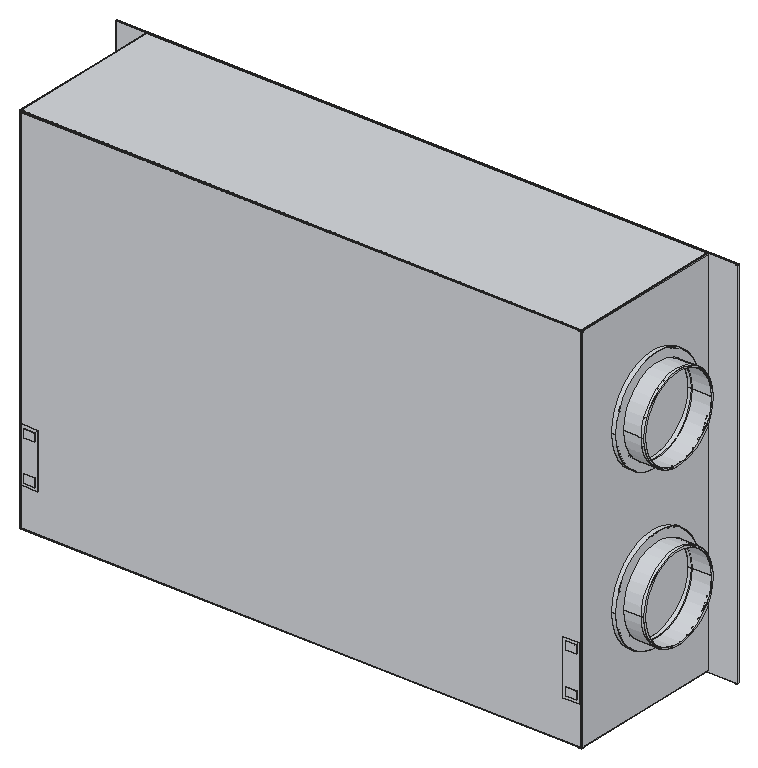
Revit family "Flexit Nordic CL 3 R E 500 R 230", category Mechanical Equipment, Revit 2018
Family settings
  Round Connector Dimension = Use Radius
  Part Type = Normal
  Work Plane-Based = No
  Always vertical = Yes
  Cut with Voids When Loaded = No
  Shared = No
  Room Calculation Point = No
Parameters
  magiProductId = "Flexit Nordic CL 3 R E 500 R 230"
  magiPartTypeId = 210
  magiFamilyGeom = MagiCAD_Flexit Nordic CL 3 R E 500 R 230 : MagiCAD_Flexit Nordic CL 3 R E 500 R 230
  Ytelse  SFP-sum vinter [instance] = "1.28 kJ/m³"
  Weight = 0.00 kg
  Vifte, tilluft  Vinter  Vifteinstilling [instance] = "55 %"
  Vifte, tilluft  Sommer  Vifteinstilling [instance] = ""
  Vifte, avtrekksluft  Vinter  Vifteinstilling [instance] = "57 %"
  Vifte, avtrekksluft  Sommer  Vifteinstilling [instance] = ""
  VersionID = "1.0/2021.0"
  Varmegjenvinning  Vinter  Komponentvirkningsgrad, tilluft (EN308) [instance] = "84.3 %"
  Varmegjenvinning  Sommer  Komponentvirkningsgrad, tilluft (EN308) [instance] = ""
  Varmegjenvinning  Sommer  Aggregatvirkningsgrad, tilluft (EN13141-7) [instance] = ""
  Uteluft [instance] = "160 mm"
  Tilluftskanal, vinter [instance] = "37 47 53 50 50 50 43 35 dB(A)"
  Tilluft  Trykkfall vinter [instance] = 70.0 Pa
  Tilluft  Luftmengde vinter [instance] = "0.0417 m³/s"
  Tilluft [instance] = "160 mm"
  Supply 1 Sound power level [instance] = "63 63 62 53 50 49 42 36 dB"
  Supply 1 Pressure drop min [instance] = 63.0 Pa
  Supply 1 Pressure drop max [instance] = 77.0 Pa
  Supply 1 Pressure drop [instance] = 70.0 Pa
  Supply 1 Airflow operation point min [instance] = 39.5833 L/s
  Supply 1 Airflow operation point max [instance] = 43.75 L/s
  Supply 1 Airflow min [instance] = 22.0 L/s
  Supply 1 Airflow max [instance] = 94.0 L/s
  Supply 1 Airflow [instance] = 41.6667 L/s
  Resultater  Vekt [instance] = "62 kg"
  Productdata [instance] = "© MagiCAD Group, all rights reserved"
  Pressure rise, supply [instance] = 70.0 Pa
  Pressure rise, extract [instance] = 70.0 Pa
  Outdoor 1 Sound power level [instance] = "63 63 62 53 50 49 42 36 dB"
  Outdoor 1 Pressure drop min [instance] = 0.0 Pa
  Outdoor 1 Pressure drop max [instance] = 0.0 Pa
  Outdoor 1 Pressure drop [instance] = 0.0 Pa
  Outdoor 1 Airflow operation point min [instance] = 39.5833 L/s
  Outdoor 1 Airflow operation point max [instance] = 43.75 L/s
  Outdoor 1 Airflow min [instance] = 22.0 L/s
  Outdoor 1 Airflow max [instance] = 94.0 L/s
  Outdoor 1 Airflow [instance] = 41.6667 L/s
  Omgivelse, vinter [instance] = "21 25 34 34 30 31 28 18 dB(A)"
  Kjøkkenkanal [instance] = "125 mm"
  Himling, vinter [instance] = "20 20 29 23 21 23 18 9 dB(A)"
  Generelt  Informasjon [instance] = ""
  Generelt  Beskrivelse / Plassering [instance] = ""
  Extract 9 Sound power level [instance] = "56 59 55 42 34 33 23 21 dB"
  Extract 9 Pressure drop min [instance] = 0.0 Pa
  Extract 9 Pressure drop max [instance] = 0.0 Pa
  Extract 9 Pressure drop [instance] = 0.0 Pa
  Extract 9 Airflow operation point min [instance] = 39.5833 L/s
  Extract 9 Airflow operation point max [instance] = 43.75 L/s
  Extract 9 Airflow min [instance] = 22.0 L/s
  Extract 9 Airflow max [instance] = 94.0 L/s
  Extract 9 Airflow [instance] = 41.6667 L/s
  Extract 1 Sound power level [instance] = "56 59 55 42 34 33 23 21 dB"
  Extract 1 Pressure drop min [instance] = 63.0 Pa
  Extract 1 Pressure drop max [instance] = 77.0 Pa
  Extract 1 Pressure drop [instance] = 70.0 Pa
  Extract 1 Airflow operation point min [instance] = 39.5833 L/s
  Extract 1 Airflow operation point max [instance] = 43.75 L/s
  Extract 1 Airflow min [instance] = 22.0 L/s
  Extract 1 Airflow max [instance] = 94.0 L/s
  Extract 1 Airflow [instance] = 41.6667 L/s
  Exhaust 1 Sound power level [instance] = "56 59 55 42 34 33 23 21 dB"
  Exhaust 1 Pressure drop min [instance] = 0.0 Pa
  Exhaust 1 Pressure drop max [instance] = 0.0 Pa
  Exhaust 1 Pressure drop [instance] = 0.0 Pa
  Exhaust 1 Airflow operation point min [instance] = 39.5833 L/s
  Exhaust 1 Airflow operation point max [instance] = 43.75 L/s
  Exhaust 1 Airflow min [instance] = 22.0 L/s
  Exhaust 1 Airflow max [instance] = 94.0 L/s
  Exhaust 1 Airflow [instance] = 41.6667 L/s
  Dimensjoner [instance] = "1149x296x767 mm"
  Avtrekkskanal, vinter [instance] = "30 43 46 39 34 34 24 20 dB(A)"
  Avtrekk  Trykkfall vinter [instance] = 70.0 Pa
  Avtrekk  Luftmengde vinter [instance] = "0.0417 m³/s"
  Avtrekk [instance] = "160 mm"
  Avkast [instance] = "160 mm"
Reference planes
  plane 1 "Center (Front/Back)": y = 0
  plane 2: z = 0
  plane 3 "Center (Left/Right)": x = 0
Forms (mm)
  Extrusion 1, solid, not visible
    sketch origin (0, 163, 267) x (0, -1, 0) y (0, 0, 1)
      loop
        line (-15.24, -15.24) -> (15.24, -15.24) -> (15.24, 15.24) -> (-15.24, 15.24) -> (-15.24, -15.24)
    from 0 to -30.48
  Extrusion 2, solid, not visible
    sketch origin (1149, 163, 567) x (0, 1, 0) y (0, 0, 1)
      loop
        line (15.24, 15.24) -> (-15.24, 15.24) -> (-15.24, -15.24) -> (15.24, -15.24) -> (15.24, 15.24)
    from 0 to -30.48
  Extrusion 3, solid, not visible
    sketch origin (0, 163, 567) x (0, -1, 0) y (0, 0, 1)
      loop
        line (-15.24, -15.24) -> (15.24, -15.24) -> (15.24, 15.24) -> (-15.24, 15.24) -> (-15.24, -15.24)
    from 0 to -30.48
  Extrusion 4, solid, not visible
    sketch origin (861, 163, 0) x (0, 1, 0) y (1, 0, 0)
      loop
        line (-15.24, 15.24) -> (-15.24, -15.24) -> (15.24, -15.24) -> (15.24, 15.24) -> (-15.24, 15.24)
    from 0 to -30.48
  Extrusion 5, solid, not visible
    sketch origin (1149, 163, 267) x (0, 1, 0) y (0, 0, 1)
      loop
        line (15.24, 15.24) -> (-15.24, 15.24) -> (-15.24, -15.24) -> (15.24, -15.24) -> (15.24, 15.24)
    from 0 to -30.48
Text (mm)
  text "© MagiCAD Group, all rights reserved" at (-487.68, -1524, 0), in view "Ref. Level"
Nested families
  nested 1: "MagiCAD_Flexit Nordic CL 3 R E 500 R 230" at (0, 0, 0), type <- "magiFamilyGeom", type "MagiCAD_Flexit Nordic CL 3 R E 500 R 230"
Connectors
  hvac at (0, 163, 267)
    settings: on Extrusion 1, index 1, duct flow 0.0 L/s, flow factor 0, pres drop 0.0 Pa, loss coef 0, conn angle 0.00°, conn width 304.8 mm, conn height 304.8 mm, conn diameter 160 mm, duct sys type 1, conn prof type 0, flow config 0, flow direction 2, loss method 0, conn ref index -1, conn util no, is conn primary yes, conn desc "Supply 1"
  hvac at (1149, 163, 567)
    settings: on Extrusion 2, index 2, duct flow 0.0 L/s, flow factor 0, pres drop 0.0 Pa, loss coef 0, conn angle 0.00°, conn width 304.8 mm, conn height 304.8 mm, conn diameter 160 mm, duct sys type 1, conn prof type 0, flow config 0, flow direction 1, loss method 0, conn ref index -1, conn util no, is conn primary no, conn desc "Outdoor 1"
  hvac at (0, 163, 567)
    settings: on Extrusion 3, index 3, duct flow 0.0 L/s, flow factor 0, pres drop 0.0 Pa, loss coef 0, conn angle 0.00°, conn width 304.8 mm, conn height 304.8 mm, conn diameter 160 mm, duct sys type 2, conn prof type 0, flow config 0, flow direction 1, loss method 0, conn ref index -1, conn util no, is conn primary no, conn desc "Extract 1"
  hvac at (861, 163, 0)
    settings: on Extrusion 4, index 4, duct flow 0.0 L/s, flow factor 0, pres drop 0.0 Pa, loss coef 0, conn angle 0.00°, conn width 304.8 mm, conn height 304.8 mm, conn diameter 125 mm, duct sys type 2, conn prof type 0, flow config 0, flow direction 1, loss method 0, conn ref index -1, conn util no, is conn primary no, conn desc "Extract 9"
  hvac at (1149, 163, 267)
    settings: on Extrusion 5, index 5, duct flow 0.0 L/s, flow factor 0, pres drop 0.0 Pa, loss coef 0, conn angle 0.00°, conn width 304.8 mm, conn height 304.8 mm, conn diameter 160 mm, duct sys type 3, conn prof type 0, flow config 0, flow direction 2, loss method 0, conn ref index -1, conn util no, is conn primary no, conn desc "Exhaust 1"
Definition of nested family "MagiCAD_Flexit Nordic CL 3 R E 500 R 230"
  Reference planes
    plane 1 "Center (Front/Back)": y = 0
    plane 2: z = 0
    plane 3 "Center (Left/Right)": x = 0
  Forms (mm)
    Extrusion 1, solid
      sketch origin (1099.5, 163, 267) x (0, 1, 0) y (0, 0, 1)
        loop
          circle (0, 0) r 79.9
      from 0 to 2
    Extrusion 2, void
      sketch origin (1099.5, 163, 267) x (0, 1, 0) y (0, 0, 1)
        loop
          circle (0, 0) r 79.7
      from 0.2 to 2
    Extrusion 3, solid
      sketch origin (1099.5, 163, 267) x (0, 1, 0) y (0, 0, 1)
        loop
          circle (0, 0) r 80
      from 0 to 49.5
    Extrusion 4, void
      sketch origin (1099.5, 163, 267) x (0, 1, 0) y (0, 0, 1)
        loop
          circle (0, 0) r 79.8
      from 0 to 49.5
    Extrusion 5, solid
      sketch origin (1099.5, 163, 267) x (0, 1, 0) y (0, 0, 1)
        loop
          circle (0, 0) r 96
      from 0 to 10
    Extrusion 6, void
      sketch origin (1099.5, 163, 267) x (0, 1, 0) y (0, 0, 1)
        loop
          circle (0, 0) r 95.8
      from 0 to 10
    Extrusion 7, solid
      sketch origin (1144.05, 163, 267) x (0, 1, 0) y (0, 0, 1)
        loop
          circle (0, 0) r 80.05
      from 0 to 4.95
    Extrusion 8, void
      sketch origin (1144.05, 163, 267) x (0, 1, 0) y (0, 0, 1)
        loop
          circle (0, 0) r 79.85
      from 0 to 4.95
    Extrusion 9, solid
      sketch origin (49.5, 163, 567) x (0, -1, 0) y (0, 0, 1)
        loop
          circle (0, 0) r 79.9
      from 0 to 2
    Extrusion 10, void
      sketch origin (49.5, 163, 567) x (0, -1, 0) y (0, 0, 1)
        loop
          circle (0, 0) r 79.7
      from 0.2 to 2
    Extrusion 11, solid
      sketch origin (49.5, 163, 567) x (0, -1, 0) y (0, 0, 1)
        loop
          circle (0, 0) r 80
      from 0 to 49.5
    Extrusion 12, void
      sketch origin (49.5, 163, 567) x (0, -1, 0) y (0, 0, 1)
        loop
          circle (0, 0) r 79.8
      from 0 to 49.5
    Extrusion 13, solid
      sketch origin (49.5, 163, 567) x (0, -1, 0) y (0, 0, 1)
        loop
          circle (0, 0) r 96
      from 0 to 10
    Extrusion 14, void
      sketch origin (49.5, 163, 567) x (0, -1, 0) y (0, 0, 1)
        loop
          circle (0, 0) r 95.8
      from 0 to 10
    Extrusion 15, solid
      sketch origin (4.95, 163, 567) x (0, -1, 0) y (0, 0, 1)
        loop
          circle (0, 0) r 80.05
      from 0 to 4.95
    Extrusion 16, void
      sketch origin (4.95, 163, 567) x (0, -1, 0) y (0, 0, 1)
        loop
          circle (0, 0) r 79.85
      from 0 to 4.95
    Extrusion 17, solid
      sketch origin (1099.5, 163, 567) x (0, 1, 0) y (0, 0, 1)
        loop
          circle (0, 0) r 79.9
      from 0 to 2
    Extrusion 18, void
      sketch origin (1099.5, 163, 567) x (0, 1, 0) y (0, 0, 1)
        loop
          circle (0, 0) r 79.7
      from 0.2 to 2
    Extrusion 19, solid
      sketch origin (1099.5, 163, 567) x (0, 1, 0) y (0, 0, 1)
        loop
          circle (0, 0) r 80
      from 0 to 49.5
    Extrusion 20, void
      sketch origin (1099.5, 163, 567) x (0, 1, 0) y (0, 0, 1)
        loop
          circle (0, 0) r 79.8
      from 0 to 49.5
    Extrusion 21, solid
      sketch origin (1099.5, 163, 567) x (0, 1, 0) y (0, 0, 1)
        loop
          circle (0, 0) r 96
      from 0 to 10
    Extrusion 22, void
      sketch origin (1099.5, 163, 567) x (0, 1, 0) y (0, 0, 1)
        loop
          circle (0, 0) r 95.8
      from 0 to 10
    Extrusion 23, solid
      sketch origin (1144.05, 163, 567) x (0, 1, 0) y (0, 0, 1)
        loop
          circle (0, 0) r 80.05
      from 0 to 4.95
    Extrusion 24, void
      sketch origin (1144.05, 163, 567) x (0, 1, 0) y (0, 0, 1)
        loop
          circle (0, 0) r 79.85
      from 0 to 4.95
    Extrusion 25, solid
      sketch origin (49.5, 163, 267) x (0, -1, 0) y (0, 0, 1)
        loop
          circle (0, 0) r 79.9
      from 0 to 2
    Extrusion 26, void
      sketch origin (49.5, 163, 267) x (0, -1, 0) y (0, 0, 1)
        loop
          circle (0, 0) r 79.7
      from 0.2 to 2
    Extrusion 27, solid
      sketch origin (49.5, 163, 267) x (0, -1, 0) y (0, 0, 1)
        loop
          circle (0, 0) r 80
      from 0 to 49.5
    Extrusion 28, void
      sketch origin (49.5, 163, 267) x (0, -1, 0) y (0, 0, 1)
        loop
          circle (0, 0) r 79.8
      from 0 to 49.5
    Extrusion 29, solid
      sketch origin (49.5, 163, 267) x (0, -1, 0) y (0, 0, 1)
        loop
          circle (0, 0) r 96
      from 0 to 10
    Extrusion 30, void
      sketch origin (49.5, 163, 267) x (0, -1, 0) y (0, 0, 1)
        loop
          circle (0, 0) r 95.8
      from 0 to 10
    Extrusion 31, solid
      sketch origin (4.95, 163, 267) x (0, -1, 0) y (0, 0, 1)
        loop
          circle (0, 0) r 80.05
      from 0 to 4.95
    Extrusion 32, void
      sketch origin (4.95, 163, 267) x (0, -1, 0) y (0, 0, 1)
        loop
          circle (0, 0) r 79.85
      from 0 to 4.95
    Extrusion 33, solid
      sketch origin (861, 163, 67) x (0, 1, 0) y (1, 0, 0)
        loop
          circle (0, 0) r 62.4
      from 0 to 2
    Extrusion 34, void
      sketch origin (861, 163, 67) x (0, 1, 0) y (1, 0, 0)
        loop
          circle (0, 0) r 62.2
      from 0.2 to 2
    Extrusion 35, solid
      sketch origin (861, 163, 67) x (0, 1, 0) y (1, 0, 0)
        loop
          circle (0, 0) r 62.5
      from 0 to 67
    Extrusion 36, void
      sketch origin (861, 163, 67) x (0, 1, 0) y (1, 0, 0)
        loop
          circle (0, 0) r 62.3
      from 0 to 67
    Extrusion 37, solid
      sketch origin (861, 163, 67) x (0, 1, 0) y (1, 0, 0)
        loop
          circle (0, 0) r 75
      from 0 to 10
    Extrusion 38, void
      sketch origin (861, 163, 67) x (0, 1, 0) y (1, 0, 0)
        loop
          circle (0, 0) r 74.8
      from 0 to 10
    Extrusion 39, solid
      sketch origin (861, 163, 6.7) x (0, 1, 0) y (1, 0, 0)
        loop
          circle (0, 0) r 62.55
      from 0 to 6.7
    Extrusion 40, void
      sketch origin (861, 163, 6.7) x (0, 1, 0) y (1, 0, 0)
        loop
          circle (0, 0) r 62.35
      from 0 to 6.7
    Extrusion 41, solid
      sketch origin (1109.5, 163, 267) x (0, 1, 0) y (0, 0, 1)
        loop
          circle (0, 0) r 80.05
        loop
          circle (0, 0) r 96
      from -0.1 to 0.1
    Extrusion 42, solid
      sketch origin (1101.5, 163, 267) x (0, 1, 0) y (0, 0, 1)
        loop
          circle (0, 0) r 79.9
      from -0.1 to 0.1
    Extrusion 43, solid
      sketch origin (1149, 163, 267) x (0, 1, 0) y (0, 0, 1)
        loop
          circle (0, 0) r 78
        loop
          circle (0, 0) r 80
      from -0.1 to 0.1
    Extrusion 44, solid
      sketch origin (39.5, 163, 567) x (0, -1, 0) y (0, 0, 1)
        loop
          circle (0, 0) r 80.05
        loop
          circle (0, 0) r 96
      from -0.1 to 0.1
    Extrusion 45, solid
      sketch origin (47.5, 163, 567) x (0, -1, 0) y (0, 0, 1)
        loop
          circle (0, 0) r 79.9
      from -0.1 to 0.1
    Extrusion 46, solid
      sketch origin (0, 163, 567) x (0, -1, 0) y (0, 0, 1)
        loop
          circle (0, 0) r 78
        loop
          circle (0, 0) r 80
      from -0.1 to 0.1
    Extrusion 47, solid
      sketch origin (1109.5, 163, 567) x (0, 1, 0) y (0, 0, 1)
        loop
          circle (0, 0) r 80.05
        loop
          circle (0, 0) r 96
      from -0.1 to 0.1
    Extrusion 48, solid
      sketch origin (1101.5, 163, 567) x (0, 1, 0) y (0, 0, 1)
        loop
          circle (0, 0) r 79.9
      from -0.1 to 0.1
    Extrusion 49, solid
      sketch origin (1149, 163, 567) x (0, 1, 0) y (0, 0, 1)
        loop
          circle (0, 0) r 78
        loop
          circle (0, 0) r 80
      from -0.1 to 0.1
    Extrusion 50, solid
      sketch origin (39.5, 163, 267) x (0, -1, 0) y (0, 0, 1)
        loop
          circle (0, 0) r 80.05
        loop
          circle (0, 0) r 96
      from -0.1 to 0.1
    Extrusion 51, solid
      sketch origin (47.5, 163, 267) x (0, -1, 0) y (0, 0, 1)
        loop
          circle (0, 0) r 79.9
      from -0.1 to 0.1
    Extrusion 52, solid
      sketch origin (0, 163, 267) x (0, -1, 0) y (0, 0, 1)
        loop
          circle (0, 0) r 75.05
        loop
          circle (0, 0) r 80
      from -0.1 to 0.1
    Extrusion 53, solid
      sketch origin (861, 163, 57) x (0, 1, 0) y (1, 0, 0)
        loop
          circle (0, 0) r 62.55
        loop
          circle (0, 0) r 75
      from -0.1 to 0.1
    Extrusion 54, solid
      sketch origin (861, 163, 65) x (0, 1, 0) y (1, 0, 0)
        loop
          circle (0, 0) r 62.4
      from -0.1 to 0.1
    Extrusion 55, solid
      sketch origin (861, 163, 0) x (0, 1, 0) y (1, 0, 0)
        loop
          circle (0, 0) r 60.5
        loop
          circle (0, 0) r 62.5
      from -0.1 to 0.1
    Extrusion 56, solid
      sketch origin (-5.5, 294, 67) x (0, 1, 0) y (0, 0, 1)
        loop
          line (2, 0) -> (2, 700) -> (0, 700) -> (0, 0) -> (2, 0)
      from -0.1 to 0.1
    Extrusion 57, solid
      sketch origin (1154.5, 294, 67) x (1, 0, 0) y (0, 1, 0)
        loop
          line (0, 2) -> (-1160, 2) -> (-1160, 0) -> (0, 0) -> (0, 2)
      from -0.1 to 0.1
    Extrusion 58, solid
      sketch origin (1154.5, 294, 767) x (0, -1, 0) y (0, 0, 1)
        loop
          line (-2, 0) -> (-2, -700) -> (0, -700) -> (0, 0) -> (-2, 0)
      from -0.1 to 0.1
    Extrusion 59, solid
      sketch origin (-5.5, 294, 767) x (0, 1, 0) y (1, 0, 0)
        loop
          line (2, 0) -> (2, 1160) -> (0, 1160) -> (0, 0) -> (2, 0)
      from -0.1 to 0.1
    Extrusion 60, solid
      sketch origin (-5.5, 296, 67) x (0, 0, 1) y (1, 0, 0)
        loop
          line (700, 0) -> (700, 1160) -> (0, 1160) -> (0, 0) -> (700, 0)
      from -0.1 to 0.1
    Extrusion 61, solid
      sketch origin (-5.5, 294, 67) x (0, 0, 1) y (1, 0, 0)
        loop
          line (700, 0) -> (700, 1160) -> (0, 1160) -> (0, 0) -> (700, 0)
      from -0.1 to 0.1
    Extrusion 62, solid
      sketch origin (51.5, 294, 765) x (1, 0, 0) y (0, 1, 0)
        loop
          line (1046, 0) -> (1046, 2) -> (0, 2) -> (0, 0) -> (1046, 0)
      from -0.1 to 0.1
    Extrusion 63, solid
      sketch origin (51.5, 294, 767) x (0, 0, 1) y (1, 0, 0)
        loop
          line (0, 1046) -> (-2, 1046) -> (-2, 0) -> (0, 0) -> (0, 1046)
      from -0.1 to 0.1
    Extrusion 64, solid
      sketch origin (51.5, 296, 765) x (1, 0, 0) y (0, -0.707107, 0.707107)
        loop
          line (1046, 0) -> (1046, 2.828) -> (0, 2.828) -> (0, 0) -> (1046, 0)
      from -0.1 to 0.1
    Extrusion 65, solid
      sketch origin (1097.5, 294, 765) x (0, 1, 0) y (0, 0, 1)
        loop
          line (2, 0) -> (0, 2) -> (0, 0) -> (2, 0)
      from -0.1 to 0.1
    Extrusion 66, solid
      sketch origin (51.5, 294, 765) x (0, 1, 0) y (0, 0, 1)
        loop
          line (2, 0) -> (0, 2) -> (0, 0) -> (2, 0)
      from -0.1 to 0.1
    Extrusion 67, solid
      sketch origin (51.5, 294, 69) x (0, 0, 1) y (1, 0, 0)
        loop
          line (0, 1046) -> (-2, 1046) -> (-2, 0) -> (0, 0) -> (0, 1046)
      from -0.1 to 0.1
    Extrusion 68, solid
      sketch origin (51.5, 296, 69) x (0, 1, 0) y (1, 0, 0)
        loop
          line (0, 1046) -> (-2, 1046) -> (-2, 0) -> (0, 0) -> (0, 1046)
      from -0.1 to 0.1
    Extrusion 69, solid
      sketch origin (51.5, 294, 67) x (1, 0, 0) y (0, 0.707107, 0.707107)
        loop
          line (1046, 0) -> (1046, 2.828) -> (0, 2.828) -> (0, 0) -> (1046, 0)
      from -0.1 to 0.1
    Extrusion 70, solid
      sketch origin (1097.5, 294, 69) x (0, 1, 0) y (0, 0, 1)
        loop
          line (0, -2) -> (2, 0) -> (0, 0) -> (0, -2)
      from -0.1 to 0.1
    Extrusion 71, solid
      sketch origin (51.5, 294, 69) x (0, 1, 0) y (0, 0, 1)
        loop
          line (0, -2) -> (2, 0) -> (0, 0) -> (0, -2)
      from -0.1 to 0.1
    Extrusion 72, solid
      sketch origin (1097.5, 294, 765) x (0, 1, 0) y (0, 0, 1)
        loop
          line (0, -696) -> (2, -696) -> (2, 0) -> (0, 0) -> (0, -696)
      from -0.1 to 0.1
    Extrusion 73, solid
      sketch origin (1099.5, 294, 765) x (0, 0, 1) y (1, 0, 0)
        loop
          line (-696, 0) -> (-696, -2) -> (0, -2) -> (0, 0) -> (-696, 0)
      from -0.1 to 0.1
    Extrusion 74, solid
      sketch origin (1097.5, 296, 765) x (0.707107, -0.707107, 0) y (0, 0, 1)
        loop
          line (0, -696) -> (2.828, -696) -> (2.828, 0) -> (0, 0) -> (0, -696)
      from -0.1 to 0.1
    Extrusion 75, solid
      sketch origin (1097.5, 294, 69) x (0, 1, 0) y (1, 0, 0)
        loop
          line (2, 0) -> (0, 2) -> (0, 0) -> (2, 0)
      from -0.1 to 0.1
    Extrusion 76, solid
      sketch origin (1097.5, 294, 765) x (0, 1, 0) y (1, 0, 0)
        loop
          line (2, 0) -> (0, 2) -> (0, 0) -> (2, 0)
      from -0.1 to 0.1
    Extrusion 77, solid
      sketch origin (51.5, 294, 765) x (0, 1, 0) y (0, 0, 1)
        loop
          line (0, -696) -> (2, -696) -> (2, 0) -> (0, 0) -> (0, -696)
      from -0.1 to 0.1
    Extrusion 78, solid
      sketch origin (49.5, 294, 765) x (0, 0, -1) y (1, 0, 0)
        loop
          line (696, 0) -> (696, 2) -> (0, 2) -> (0, 0) -> (696, 0)
      from -0.1 to 0.1
    Extrusion 79, solid
      sketch origin (51.5, 296, 765) x (0.707107, 0.707107, 0) y (0, 0, -1)
        loop
          line (0, 696) -> (-2.828, 696) -> (-2.828, 0) -> (0, 0) -> (0, 696)
      from -0.1 to 0.1
    Extrusion 80, solid
      sketch origin (51.5, 294, 69) x (1, 0, 0) y (0, 1, 0)
        loop
          line (0, 2) -> (-2, 0) -> (0, 0) -> (0, 2)
      from -0.1 to 0.1
    Extrusion 81, solid
      sketch origin (51.5, 294, 765) x (1, 0, 0) y (0, 1, 0)
        loop
          line (0, 2) -> (-2, 0) -> (0, 0) -> (0, 2)
      from -0.1 to 0.1
    Extrusion 82, solid
      sketch origin (1097.5, 2, 765) x (0, 0, -1) y (1, 0, 0)
        loop
          line (696, 0) -> (696, 2) -> (0, 2) -> (0, 0) -> (696, 0)
      from -0.1 to 0.1
    Extrusion 83, solid
      sketch origin (1097.5, 0, 765) x (0, 1, 0) y (0, 0, 1)
        loop
          line (0, -696) -> (2, -696) -> (2, 0) -> (0, 0) -> (0, -696)
      from -0.1 to 0.1
    Extrusion 84, solid
      sketch origin (1099.5, 2, 765) x (0.707107, 0.707107, 0) y (0, 0, -1)
        loop
          line (0, 696) -> (-2.828, 696) -> (-2.828, 0) -> (0, 0) -> (0, 696)
      from -0.1 to 0.1
    Extrusion 85, solid
      sketch origin (1097.5, 2, 69) x (0, 1, 0) y (1, 0, 0)
        loop
          line (0, 2) -> (-2, 0) -> (0, 0) -> (0, 2)
      from -0.1 to 0.1
    Extrusion 86, solid
      sketch origin (1097.5, 2, 765) x (0, 1, 0) y (1, 0, 0)
        loop
          line (0, 2) -> (-2, 0) -> (0, 0) -> (0, 2)
      from -0.1 to 0.1
    Extrusion 87, solid
      sketch origin (51.5, 2, 765) x (0, 0, 1) y (1, 0, 0)
        loop
          line (-696, 0) -> (-696, -2) -> (0, -2) -> (0, 0) -> (-696, 0)
      from -0.1 to 0.1
    Extrusion 88, solid
      sketch origin (51.5, 0, 765) x (0, 1, 0) y (0, 0, 1)
        loop
          line (0, -696) -> (2, -696) -> (2, 0) -> (0, 0) -> (0, -696)
      from -0.1 to 0.1
    Extrusion 89, solid
      sketch origin (49.5, 2, 765) x (0.707107, -0.707107, 0) y (0, 0, 1)
        loop
          line (0, -696) -> (2.828, -696) -> (2.828, 0) -> (0, 0) -> (0, -696)
      from -0.1 to 0.1
    Extrusion 90, solid
      sketch origin (51.5, 2, 69) x (1, 0, 0) y (0, 1, 0)
        loop
          line (-2, 0) -> (0, -2) -> (0, 0) -> (-2, 0)
      from -0.1 to 0.1
    Extrusion 91, solid
      sketch origin (51.5, 2, 765) x (1, 0, 0) y (0, 1, 0)
        loop
          line (-2, 0) -> (0, -2) -> (0, 0) -> (-2, 0)
      from -0.1 to 0.1
    Extrusion 92, solid
      sketch origin (51.5, 2, 765) x (0, 0, -1) y (1, 0, 0)
        loop
          line (0, 1046) -> (-2, 1046) -> (-2, 0) -> (0, 0) -> (0, 1046)
      from -0.1 to 0.1
    Extrusion 93, solid
      sketch origin (51.5, 0, 765) x (1, 0, 0) y (0, 1, 0)
        loop
          line (1046, 0) -> (1046, 2) -> (0, 2) -> (0, 0) -> (1046, 0)
      from -0.1 to 0.1
    Extrusion 94, solid
      sketch origin (51.5, 2, 767) x (1, 0, 0) y (0, -0.707107, -0.707107)
        loop
          line (1046, 0) -> (1046, 2.828) -> (0, 2.828) -> (0, 0) -> (1046, 0)
      from -0.1 to 0.1
    Extrusion 95, solid
      sketch origin (1097.5, 2, 765) x (0, 1, 0) y (0, 0, 1)
        loop
          line (0, 2) -> (-2, 0) -> (0, 0) -> (0, 2)
      from -0.1 to 0.1
    Extrusion 96, solid
      sketch origin (51.5, 2, 765) x (0, 1, 0) y (0, 0, 1)
        loop
          line (0, 2) -> (-2, 0) -> (0, 0) -> (0, 2)
      from -0.1 to 0.1
    Extrusion 97, solid
      sketch origin (51.5, 2, 69) x (0, 1, 0) y (1, 0, 0)
        loop
          line (0, 1046) -> (-2, 1046) -> (-2, 0) -> (0, 0) -> (0, 1046)
      from -0.1 to 0.1
    Extrusion 98, solid
      sketch origin (51.5, 2, 67) x (0, 0, -1) y (1, 0, 0)
        loop
          line (0, 1046) -> (-2, 1046) -> (-2, 0) -> (0, 0) -> (0, 1046)
      from -0.1 to 0.1
    Extrusion 99, solid
      sketch origin (51.5, 0, 69) x (1, 0, 0) y (0, 0.707107, -0.707107)
        loop
          line (1046, 0) -> (1046, 2.828) -> (0, 2.828) -> (0, 0) -> (1046, 0)
      from -0.1 to 0.1
    Extrusion 100, solid
      sketch origin (1097.5, 2, 69) x (0, 1, 0) y (0, 0, 1)
        loop
          line (-2, 0) -> (0, -2) -> (0, 0) -> (-2, 0)
      from -0.1 to 0.1
    Extrusion 101, solid
      sketch origin (51.5, 2, 69) x (0, 1, 0) y (0, 0, 1)
        loop
          line (-2, 0) -> (0, -2) -> (0, 0) -> (-2, 0)
      from -0.1 to 0.1
    Extrusion 102, solid
      sketch origin (1097.5, 2, 765) x (0, 1, 0) y (0, 0, 1)
        loop
          line (292, 0) -> (292, 2) -> (0, 2) -> (0, 0) -> (292, 0)
      from -0.1 to 0.1
    Extrusion 103, solid
      sketch origin (1099.5, 2, 765) x (1, 0, 0) y (0, 1, 0)
        loop
          line (0, 292) -> (-2, 292) -> (-2, 0) -> (0, 0) -> (0, 292)
      from -0.1 to 0.1
    Extrusion 104, solid
      sketch origin (1097.5, 2, 767) x (0.707107, 0, -0.707107) y (0, -1, 0)
        loop
          line (0, -292) -> (2.828, -292) -> (2.828, 0) -> (0, 0) -> (0, -292)
      from -0.1 to 0.1
    Extrusion 105, solid
      sketch origin (1097.5, 294, 765) x (0, 0, 1) y (1, 0, 0)
        loop
          line (2, 0) -> (0, 2) -> (0, 0) -> (2, 0)
      from -0.1 to 0.1
    Extrusion 106, solid
      sketch origin (1097.5, 2, 765) x (0, 0, 1) y (1, 0, 0)
        loop
          line (2, 0) -> (0, 2) -> (0, 0) -> (2, 0)
      from -0.1 to 0.1
    Extrusion 107, solid
      sketch origin (1097.5, 2, 69) x (0, 1, 0) y (1, 0, 0)
        loop
          line (292, 0) -> (292, 2) -> (0, 2) -> (0, 0) -> (292, 0)
      from -0.1 to 0.1
    Extrusion 108, solid
      sketch origin (1097.5, 2, 67) x (0, 1, 0) y (0, 0, 1)
        loop
          line (292, 0) -> (292, 2) -> (0, 2) -> (0, 0) -> (292, 0)
      from -0.1 to 0.1
    Extrusion 109, solid
      sketch origin (1099.5, 2, 69) x (0.707107, 0, 0.707107) y (0, 1, 0)
        loop
          line (0, 292) -> (-2.828, 292) -> (-2.828, 0) -> (0, 0) -> (0, 292)
      from -0.1 to 0.1
    Extrusion 110, solid
      sketch origin (1097.5, 294, 69) x (0, 0, 1) y (1, 0, 0)
        loop
          line (0, 2) -> (-2, 0) -> (0, 0) -> (0, 2)
      from -0.1 to 0.1
    Extrusion 111, solid
      sketch origin (1097.5, 2, 69) x (0, 0, 1) y (1, 0, 0)
        loop
          line (0, 2) -> (-2, 0) -> (0, 0) -> (0, 2)
      from -0.1 to 0.1
    Extrusion 112, solid
      sketch origin (51.5, 2, 765) x (0, 1, 0) y (0, 0, 1)
        loop
          line (292, 0) -> (292, 2) -> (0, 2) -> (0, 0) -> (292, 0)
      from -0.1 to 0.1
    Extrusion 113, solid
      sketch origin (49.5, 2, 765) x (0, 1, 0) y (1, 0, 0)
        loop
          line (292, 0) -> (292, 2) -> (0, 2) -> (0, 0) -> (292, 0)
      from -0.1 to 0.1
    Extrusion 114, solid
      sketch origin (51.5, 2, 767) x (0.707107, 0, 0.707107) y (0, 1, 0)
        loop
          line (0, 292) -> (-2.828, 292) -> (-2.828, 0) -> (0, 0) -> (0, 292)
      from -0.1 to 0.1
    Extrusion 115, solid
      sketch origin (51.5, 294, 765) x (0, 0, -1) y (1, 0, 0)
        loop
          line (-2, 0) -> (0, -2) -> (0, 0) -> (-2, 0)
      from -0.1 to 0.1
    Extrusion 116, solid
      sketch origin (51.5, 2, 765) x (0, 0, -1) y (1, 0, 0)
        loop
          line (-2, 0) -> (0, -2) -> (0, 0) -> (-2, 0)
      from -0.1 to 0.1
    Extrusion 117, solid
      sketch origin (51.5, 2, 69) x (1, 0, 0) y (0, 1, 0)
        loop
          line (0, 292) -> (-2, 292) -> (-2, 0) -> (0, 0) -> (0, 292)
      from -0.1 to 0.1
    Extrusion 118, solid
      sketch origin (51.5, 2, 67) x (0, 1, 0) y (0, 0, 1)
        loop
          line (292, 0) -> (292, 2) -> (0, 2) -> (0, 0) -> (292, 0)
      from -0.1 to 0.1
    Extrusion 119, solid
      sketch origin (49.5, 2, 69) x (0.707107, 0, -0.707107) y (0, -1, 0)
        loop
          line (0, -292) -> (2.828, -292) -> (2.828, 0) -> (0, 0) -> (0, -292)
      from -0.1 to 0.1
    Extrusion 120, solid
      sketch origin (51.5, 294, 69) x (0, 0, -1) y (1, 0, 0)
        loop
          line (0, -2) -> (2, 0) -> (0, 0) -> (0, -2)
      from -0.1 to 0.1
    Extrusion 121, solid
      sketch origin (51.5, 2, 69) x (0, 0, -1) y (1, 0, 0)
        loop
          line (0, -2) -> (2, 0) -> (0, 0) -> (0, -2)
      from -0.1 to 0.1
    Extrusion 122, solid
      sketch origin (51.5, 2, 765) x (0, -1, 0) y (0, 0, 1)
        loop
          line (0, 2) -> (-292, 2) -> (-292, 0) -> (0, 0) -> (0, 2)
      from -0.1 to 0.1
    Extrusion 123, solid
      sketch origin (1097.5, 2, 765) x (0, 0, -1) y (1, 0, 0)
        loop
          line (-2, 0) -> (-2, -1046) -> (0, -1046) -> (0, 0) -> (-2, 0)
      from -0.1 to 0.1
    Extrusion 124, solid
      sketch origin (1097.5, 294, 765) x (0, 1, 0) y (0, 0, 1)
        loop
          line (0, 2) -> (-292, 2) -> (-292, 0) -> (0, 0) -> (0, 2)
      from -0.1 to 0.1
    Extrusion 125, solid
      sketch origin (51.5, 294, 765) x (0, 0, 1) y (1, 0, 0)
        loop
          line (2, 0) -> (2, 1046) -> (0, 1046) -> (0, 0) -> (2, 0)
      from -0.1 to 0.1
    Extrusion 126, solid
      sketch origin (1097.5, 2, 767) x (1, 0, 0) y (0, 1, 0)
        loop
          line (0, 292) -> (-1046, 292) -> (-1046, 0) -> (0, 0) -> (0, 292)
      from -0.1 to 0.1
    Extrusion 127, solid
      sketch origin (1097.5, 2, 765) x (1, 0, 0) y (0, 1, 0)
        loop
          line (0, 292) -> (-1046, 292) -> (-1046, 0) -> (0, 0) -> (0, 292)
      from -0.1 to 0.1
    Extrusion 128, solid
      sketch origin (51.5, 2, 69) x (0, 0, 1) y (1, 0, 0)
        loop
          line (0, -2) -> (696, -2) -> (696, 0) -> (0, 0) -> (0, -2)
      from -0.1 to 0.1
    Extrusion 129, solid
      sketch origin (51.5, 294, 69) x (1, 0, 0) y (0, 1, 0)
        loop
          line (-2, 0) -> (-2, -292) -> (0, -292) -> (0, 0) -> (-2, 0)
      from -0.1 to 0.1
    Extrusion 130, solid
      sketch origin (51.5, 294, 765) x (0, 0, -1) y (1, 0, 0)
        loop
          line (0, -2) -> (696, -2) -> (696, 0) -> (0, 0) -> (0, -2)
      from -0.1 to 0.1
    Extrusion 131, solid
      sketch origin (51.5, 2, 765) x (0, 1, 0) y (1, 0, 0)
        loop
          line (0, -2) -> (292, -2) -> (292, 0) -> (0, 0) -> (0, -2)
      from -0.1 to 0.1
    Extrusion 132, solid
      sketch origin (49.5, 2, 69) x (0, -1, 0) y (0, 0, 1)
        loop
          line (0, 696) -> (-292, 696) -> (-292, 0) -> (0, 0) -> (0, 696)
      from -0.1 to 0.1
    Extrusion 133, solid
      sketch origin (51.5, 2, 69) x (0, -1, 0) y (0, 0, 1)
        loop
          line (0, 696) -> (-292, 696) -> (-292, 0) -> (0, 0) -> (0, 696)
      from -0.1 to 0.1
    Extrusion 134, solid
      sketch origin (51.5, 294, 69) x (0, 1, 0) y (0, 0, 1)
        loop
          line (2, 0) -> (2, 696) -> (0, 696) -> (0, 0) -> (2, 0)
      from -0.1 to 0.1
    Extrusion 135, solid
      sketch origin (1097.5, 294, 69) x (1, 0, 0) y (0, 1, 0)
        loop
          line (0, 2) -> (-1046, 2) -> (-1046, 0) -> (0, 0) -> (0, 2)
      from -0.1 to 0.1
    Extrusion 136, solid
      sketch origin (1097.5, 294, 765) x (0, -1, 0) y (0, 0, 1)
        loop
          line (-2, 0) -> (-2, -696) -> (0, -696) -> (0, 0) -> (-2, 0)
      from -0.1 to 0.1
    Extrusion 137, solid
      sketch origin (51.5, 294, 765) x (0, 1, 0) y (1, 0, 0)
        loop
          line (2, 0) -> (2, 1046) -> (0, 1046) -> (0, 0) -> (2, 0)
      from -0.1 to 0.1
    Extrusion 138, solid
      sketch origin (51.5, 296, 69) x (0, 0, 1) y (1, 0, 0)
        loop
          line (696, 0) -> (696, 1046) -> (0, 1046) -> (0, 0) -> (696, 0)
      from -0.1 to 0.1
    Extrusion 139, solid
      sketch origin (51.5, 294, 69) x (0, 0, 1) y (1, 0, 0)
        loop
          line (696, 0) -> (696, 1046) -> (0, 1046) -> (0, 0) -> (696, 0)
      from -0.1 to 0.1
    Extrusion 140, solid
      sketch origin (1097.5, 294, 69) x (0, 0, -1) y (1, 0, 0)
        loop
          line (0, 2) -> (-696, 2) -> (-696, 0) -> (0, 0) -> (0, 2)
      from -0.1 to 0.1
    Extrusion 141, solid
      sketch origin (1097.5, 2, 69) x (1, 0, 0) y (0, 1, 0)
        loop
          line (2, 0) -> (2, 292) -> (0, 292) -> (0, 0) -> (2, 0)
      from -0.1 to 0.1
    Extrusion 142, solid
      sketch origin (1097.5, 2, 765) x (0, 0, 1) y (1, 0, 0)
        loop
          line (0, 2) -> (-696, 2) -> (-696, 0) -> (0, 0) -> (0, 2)
      from -0.1 to 0.1
    Extrusion 143, solid
      sketch origin (1097.5, 294, 765) x (0, 1, 0) y (1, 0, 0)
        loop
          line (0, 2) -> (-292, 2) -> (-292, 0) -> (0, 0) -> (0, 2)
      from -0.1 to 0.1
    Extrusion 144, solid
      sketch origin (1099.5, 294, 69) x (0, 1, 0) y (0, 0, 1)
        loop
          line (0, 696) -> (-292, 696) -> (-292, 0) -> (0, 0) -> (0, 696)
      from -0.1 to 0.1
    Extrusion 145, solid
      sketch origin (1097.5, 294, 69) x (0, 1, 0) y (0, 0, 1)
        loop
          line (0, 696) -> (-292, 696) -> (-292, 0) -> (0, 0) -> (0, 696)
      from -0.1 to 0.1
    Extrusion 146, solid
      sketch origin (51.5, 2, 69) x (0, 1, 0) y (0, 0, 1)
        loop
          line (0, -2) -> (292, -2) -> (292, 0) -> (0, 0) -> (0, -2)
      from -0.1 to 0.1
    Extrusion 147, solid
      sketch origin (1097.5, 2, 69) x (0, 0, 1) y (1, 0, 0)
        loop
          line (-2, 0) -> (-2, -1046) -> (0, -1046) -> (0, 0) -> (-2, 0)
      from -0.1 to 0.1
    Extrusion 148, solid
      sketch origin (1097.5, 294, 69) x (0, -1, 0) y (0, 0, 1)
        loop
          line (0, -2) -> (292, -2) -> (292, 0) -> (0, 0) -> (0, -2)
      from -0.1 to 0.1
    Extrusion 149, solid
      sketch origin (51.5, 294, 69) x (0, 0, -1) y (1, 0, 0)
        loop
          line (2, 0) -> (2, 1046) -> (0, 1046) -> (0, 0) -> (2, 0)
      from -0.1 to 0.1
    Extrusion 150, solid
      sketch origin (51.5, 2, 67) x (0, 1, 0) y (1, 0, 0)
        loop
          line (292, 0) -> (292, 1046) -> (0, 1046) -> (0, 0) -> (292, 0)
      from -0.1 to 0.1
    Extrusion 151, solid
      sketch origin (51.5, 2, 69) x (0, 1, 0) y (1, 0, 0)
        loop
          line (292, 0) -> (292, 1046) -> (0, 1046) -> (0, 0) -> (292, 0)
      from -0.1 to 0.1
    Extrusion 152, solid
      sketch origin (1097.5, 296, 765) x (0.816497, -0.408248, -0.408248) y (0, -0.707107, 0.707107)
        loop
          line (2.449, 1.414) -> (0, 2.828) -> (0, 0) -> (2.449, 1.414)
      from -0.1 to 0.1
    Extrusion 153, solid
      sketch origin (1097.5, 2, 67) x (0.816497, 0.408248, 0.408248) y (0, 0.707107, -0.707107)
        loop
          line (0, -2.828) -> (2.449, -1.414) -> (0, 0) -> (0, -2.828)
      from -0.1 to 0.1
    Extrusion 154, solid
      sketch origin (1099.5, 2, 765) x (0.816497, 0.408248, -0.408248) y (0, 0.707107, 0.707107)
        loop
          line (-2.449, 1.414) -> (-2.449, -1.414) -> (0, 0) -> (-2.449, 1.414)
      from -0.1 to 0.1
    Extrusion 155, solid
      sketch origin (51.5, 296, 765) x (0.816497, 0.408248, 0.408248) y (0, 0.707107, -0.707107)
        loop
          line (-2.449, -1.414) -> (0, -2.828) -> (0, 0) -> (-2.449, -1.414)
      from -0.1 to 0.1
    Extrusion 156, solid
      sketch origin (49.5, 294, 69) x (0.816497, 0.408248, -0.408248) y (0, -0.707107, -0.707107)
        loop
          line (2.449, -1.414) -> (2.449, 1.414) -> (0, 0) -> (2.449, -1.414)
      from -0.1 to 0.1
    Extrusion 157, solid
      sketch origin (49.5, 2, 765) x (0.816497, -0.408248, 0.408248) y (0, 0.707107, 0.707107)
        loop
          line (2.449, -1.414) -> (2.449, 1.414) -> (0, 0) -> (2.449, -1.414)
      from -0.1 to 0.1
    Extrusion 158, solid
      sketch origin (1097.5, 0, 765) x (0, 0, -1) y (1, 0, 0)
        loop
          line (0, -1046) -> (696, -1046) -> (696, 0) -> (0, 0) -> (0, -1046)
      from -0.1 to 0.1
    Extrusion 159, solid
      sketch origin (1097.5, 294, 67) x (0.816497, -0.408248, 0.408248) y (0, 0.707107, 0.707107)
        loop
          line (2.449, 1.414) -> (0, 2.828) -> (0, 0) -> (2.449, 1.414)
      from -0.1 to 0.1
    Extrusion 160, solid
      sketch origin (51.5, 2, 67) x (0.816497, -0.408248, -0.408248) y (0, 0.707107, -0.707107)
        loop
          line (-2.449, -1.414) -> (0, -2.828) -> (0, 0) -> (-2.449, -1.414)
      from -0.1 to 0.1
    Extrusion 161, solid
      sketch origin (1064.431, -0.1, 243.063) x (0, 0, 1) y (1, 0, 0)
        loop
          line (0, 30.525) -> (-101.75, 30.525) -> (-101.75, 0) -> (0, 0) -> (0, 30.525)
      from -0.1 to 0.1
    Extrusion 162, solid
      sketch origin (84.569, -0.1, 243.063) x (0, 0, -1) y (1, 0, 0)
        loop
          line (0, -30.525) -> (101.75, -30.525) -> (101.75, 0) -> (0, 0) -> (0, -30.525)
      from -0.1 to 0.1
    Extrusion 163, solid
      sketch origin (1069.519, -0.2, 161.663) x (0, 0, 1) y (1, 0, 0)
        loop
          line (0, 20.35) -> (-15.263, 20.35) -> (-15.263, 0) -> (0, 0) -> (0, 20.35)
      from -0.1 to 0.1
    Extrusion 164, solid
      sketch origin (1069.519, -0.2, 222.713) x (0, 0, -1) y (1, 0, 0)
        loop
          line (0, 20.35) -> (-15.263, 20.35) -> (-15.263, 0) -> (0, 0) -> (0, 20.35)
      from -0.1 to 0.1
    Extrusion 165, solid
      sketch origin (79.481, -0.2, 161.663) x (0, 0, -1) y (1, 0, 0)
        loop
          line (0, -20.35) -> (15.263, -20.35) -> (15.263, 0) -> (0, 0) -> (0, -20.35)
      from -0.1 to 0.1
    Extrusion 166, solid
      sketch origin (79.481, -0.2, 222.713) x (0, 0, 1) y (1, 0, 0)
        loop
          line (0, -20.35) -> (15.263, -20.35) -> (15.263, 0) -> (0, 0) -> (0, -20.35)
      from -0.1 to 0.1
  Cuts and joins
    Extrusion 2 cuts Extrusion 1
    Extrusion 4 cuts Extrusion 3
    Extrusion 6 cuts Extrusion 5
    Extrusion 8 cuts Extrusion 7
    Extrusion 10 cuts Extrusion 9
    Extrusion 12 cuts Extrusion 11
    Extrusion 14 cuts Extrusion 13
    Extrusion 16 cuts Extrusion 15
    Extrusion 18 cuts Extrusion 17
    Extrusion 20 cuts Extrusion 19
    Extrusion 22 cuts Extrusion 21
    Extrusion 24 cuts Extrusion 23
    Extrusion 26 cuts Extrusion 25
    Extrusion 28 cuts Extrusion 27
    Extrusion 30 cuts Extrusion 29
    Extrusion 32 cuts Extrusion 31
    Extrusion 34 cuts Extrusion 33
    Extrusion 36 cuts Extrusion 35
    Extrusion 38 cuts Extrusion 37
    Extrusion 40 cuts Extrusion 39
  Lines and regions (mm)
    model lines
      curve 1: line (1097.5, 36, 767.05) -> (1099.55, 36, 765)
      curve 2: line (51.5, 36, 767.05) -> (49.45, 36, 765)
      curve 3: line (51.5, 36, 767.1) -> (1097.5, 36, 767.05)
      curve 4: line (51.5, 36, 66.9) -> (1097.5, 36, 66.95)
      curve 5: line (1099.55, 36, 765) -> (1099.6, 36, 69)
      curve 6: line (49.45, 36, 765) -> (49.4, 36, 69)
      curve 7: line (1097.5, 36, 67) -> (1099.6, 36, 69)
      curve 8: line (51.6, 36, 67) -> (49.5, 36, 69)
  Dimensions and locks
    aligned and locked: level to plane 2
